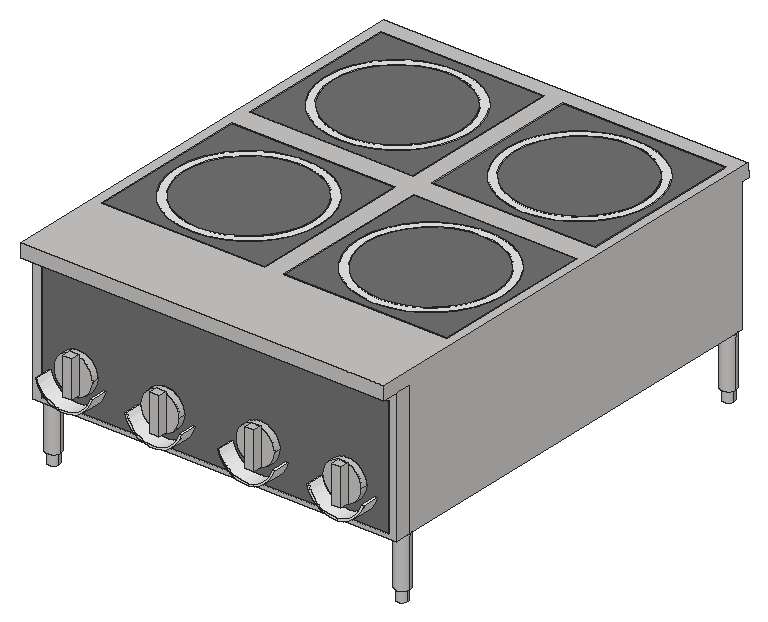
Revit family "QF_Vollrath_924HIMC", category Specialty Equipment, Revit 2016
Family settings
  Part Type = Normal
  Round Connector Dimension = Use Diameter
  OmniClass Number = 23.40.40.14.17.14
  OmniClass Title = Hot Plates
  Work Plane-Based = No
  Always vertical = Yes
  Cut with Voids When Loaded = No
  Shared = No
  Room Calculation Point = No
Parameters (values of type "208V")
  Weight in Pounds = 86
  Watts_2 = 5000 W
  Watts = 5000 W
  Watermarked By = "http://revitwatermark.com"
  Volts_2 = 208 V
  Volts = 208 V
  URL Cutsheet = ""
  URL = "www.vollrathco.com"
  Status [instance] = ""
  Specification by User [instance] = ""
  Specification by Manufacturer = ""
  Serial Number [instance] = ""
  Seismic Rating [instance] = ""
  Revision Code [instance] = ""
  Phase_2 = 1
  Phase = 1
  Number of Poles_2 [instance] = 1
  Number of Poles [instance] = 1
  NAFEM Spec ID Number [instance] = ""
  Model = "924HIMC"
  Masterspec = ""
  Manufacturer = "Vollrath"
  Item Number [instance] = ""
  Installed By [instance] = ""
  Height AFF [instance] = 36.00"
  Furnished By [instance] = ""
  Foodservice Equipment Identifier [instance] = yes
  FL Amps_2 = 24 A
  FL Amps = 24 A
  Electrical Remarks_2 [instance] = "DEDICATED CIRCUIT"
  Electrical Remarks [instance] = "DEDICATED CIRCUIT"
  Electric Connection Type_2 [instance] = ""
  Electric Connection Type [instance] = ""
  Elec Conn RI Height_2 [instance] = 0.00"
  Elec Conn RI Height [instance] = 0.00"
  Elec Conn Connection Height_2 [instance] = 6.00"
  Elec Conn Connection Height = 6.00"
  Elec Conn Two [instance] = ""
  Description = "Induction Hot Plate"
  Cycle_2 = 60 Hz
  Cycle = 60 Hz
  Conn Plug_2 = "NEMA 6-30P"
  Conn Plug = "NEMA 6-30P"
  CSI MasterFormat = "11 42 13"
  Assembly Code = "E1090320"
  Apparent Power_2 = Volts_2 * FL Amps_2 * sqrt(Phase_2)  # 4992 VA
  Apparent Power = if(Phase = 3, Volts * FL Amps * 1.73, Volts * FL Amps)  # 4992 VA
Types (2): name | Watts_2 | Watts | Volts_2 | Volts | Apparent Power_2 | Apparent Power
  208V | 5000 W | 5000 W | 208 V | 208 V | 4992 VA | 4992 VA
  240V | 5800 W | 5800 W | 240 V | 240 V | 5760 VA | 5760 VA
Reference planes (in)
  plane 1: z = 0
  plane 2 "LEFT": x = 48
  plane 3 "BACK": y = -48
  plane 4 "BOTTOM": z = 36
  plane 5 "FRONT": y = -78
  plane 6: z = 26.5796
  plane 7 "TOP": z = 49.625
  plane 8: y = -47.5
  plane 9: x = 56.69695
  plane 10: x = 47.5
  plane 11: y = -48.5
  plane 12: y = -77
  plane 13: x = 48.5
  plane 14: z = 36.75
  plane 15: z = 40
  plane 16: x = 59.37
  plane 17: x = 48.63
  plane 18: z = 48.75
  plane 19: z = 48.11159
  plane 20: x = 49.29917
  plane 21: z = 40.28782
  plane 22: y = -49.08388
  plane 23: y = -59.83388
  plane 24: z = 49.26188
  plane 25 "RIGHT": x = 72
  plane 26: x = 72.5
  plane 27: z = 41
  plane 28: x = 71
  plane 29: x = 49
Forms (in)
  Extrusion 1, solid, material "QF_Finishes_Stainless Steel", not visible
    sketch origin (0, -75.61667, 13.94238) x (-1, 0, 0) y (0, 0.422618, 0.906308)
      loop
        line (-61.50401, 16.83949) -> (-49.55058, 16.83949) -> (-49.55058, 21.54291) -> (-61.50401, 21.54291) -> (-61.50401, 16.83949)
      loop
        circle (-51.11798, 19.07879) r 1.25
      loop
        circle (-51.11798, 19.07879) r 1
      loop
        line (-54.03077, 21.06689) -> (-57.03077, 21.06689) -> (-57.03077, 20.31689) -> (-54.03077, 20.31689) -> (-54.03077, 21.06689)
      loop
        circle (-54.03077, 17.5068) r 0.25
      loop
        circle (-56.78077, 17.5068) r 0.25
    from 0 to 0.68909
  Extrusion 2, solid, material "QF_Finishes_Black", not visible
    sketch origin (0, -75.54289, 2.05167) x (-1, 0, 0) y (0, 0.422618, 0.906308)
      loop
        circle (-51.11798, 29.82425) r 1.25
      loop
        circle (-51.11798, 29.82425) r 1
    from -5.0921 to -4.40301
  Extrusion 3, solid, material "QF_Finishes_Black", not visible
    sketch origin (0, -75.78725, 14.03463) x (-1, 0, 0) y (0, 0.406737, 0.913545)
      loop
        line (-57.03077, 21.03676) -> (-57.03077, 20.35703) -> (-54.03077, 20.35703) -> (-54.03077, 21.03676) -> (-57.03077, 21.03676)
      loop
        circle (-54.03077, 17.5068) r 0.25
      loop
        circle (-56.78077, 17.5068) r 0.25
    from 0.54411 to 1.25
  Extrusion 4, solid, material "QF_Finishes_Dark Grey", not visible
    sketch origin (0, -70.09177, 5.66795) x (-1, 0, 0) y (0, 0.422618, 0.906308)
      loop
        circle (-52.11896, 26.29929) r 0.25
      loop
        circle (-53.36896, 26.29929) r 0.25
      loop
        circle (-54.61896, 26.29929) r 0.25
      loop
        circle (-55.86896, 26.29929) r 0.25
      loop
        circle (-57.11896, 26.29929) r 0.25
      loop
        circle (-58.36896, 26.29929) r 0.25
    from 7.45399 to 7.92109
  Extrusion 5, solid, material "QF_Finishes_Stainless Steel", not visible
    sketch origin (0, -61.5, 0) x (-1, 0, 0) y (0, 0, 1)
      loop
        circle (-49.14244, 32.63817) r 0.1236
    from 0 to 12
  Extrusion 6, solid, material "QF_Finishes_Stainless Steel", not visible
    sketch origin (24.25, -61.5, 0) x (-1, 0, 0) y (0, 0, 1)
      loop
        circle (-49.14244, 32.63817) r 0.1236
    from 0 to 12
  Extrusion 7, solid, material "QF_Finishes_Stainless Steel", not visible
    sketch origin (0.75781, -61.5, 0) x (-1, 0, 0) y (0, 0, 1)
      loop
        circle (-49.14244, 32.63817) r 0.1236
    from 0 to 12
  Extrusion 8, solid, material "QF_Finishes_Stainless Steel", not visible
    sketch origin (1.51562, -61.5, 0) x (-1, 0, 0) y (0, 0, 1)
      loop
        circle (-49.14244, 32.63817) r 0.1236
    from 0 to 12
  Extrusion 9, solid, material "QF_Finishes_Stainless Steel", not visible
    sketch origin (2.27344, -61.5, 0) x (-1, 0, 0) y (0, 0, 1)
      loop
        circle (-49.14244, 32.63817) r 0.1236
    from 0 to 12
  Extrusion 10, solid, material "QF_Finishes_Stainless Steel", not visible
    sketch origin (3.03125, -61.5, 0) x (-1, 0, 0) y (0, 0, 1)
      loop
        circle (-49.14244, 32.63817) r 0.1236
    from 0 to 12
  Extrusion 11, solid, material "QF_Finishes_Stainless Steel", not visible
    sketch origin (3.78906, -61.5, 0) x (-1, 0, 0) y (0, 0, 1)
      loop
        circle (-49.14244, 32.63817) r 0.1236
    from 0 to 12
  Extrusion 12, solid, material "QF_Finishes_Stainless Steel", not visible
    sketch origin (4.54687, -61.5, 0) x (-1, 0, 0) y (0, 0, 1)
      loop
        circle (-49.14244, 32.63817) r 0.1236
    from 0 to 12
  Extrusion 13, solid, material "QF_Finishes_Stainless Steel", not visible
    sketch origin (5.30469, -61.5, 0) x (-1, 0, 0) y (0, 0, 1)
      loop
        circle (-49.14244, 32.63817) r 0.1236
    from 0 to 12
  Extrusion 14, solid, material "QF_Finishes_Stainless Steel", not visible
    sketch origin (6.0625, -61.5, 0) x (-1, 0, 0) y (0, 0, 1)
      loop
        circle (-49.14244, 32.63817) r 0.1236
    from 0 to 12
  Extrusion 15, solid, material "QF_Finishes_Stainless Steel", not visible
    sketch origin (6.82031, -61.5, 0) x (-1, 0, 0) y (0, 0, 1)
      loop
        circle (-49.14244, 32.63817) r 0.1236
    from 0 to 12
  Extrusion 16, solid, material "QF_Finishes_Stainless Steel", not visible
    sketch origin (7.57812, -61.5, 0) x (-1, 0, 0) y (0, 0, 1)
      loop
        circle (-49.14244, 32.63817) r 0.1236
    from 0 to 12
  Extrusion 17, solid, material "QF_Finishes_Stainless Steel", not visible
    sketch origin (8.33594, -61.5, 0) x (-1, 0, 0) y (0, 0, 1)
      loop
        circle (-49.14244, 32.63817) r 0.1236
    from 0 to 12
  Extrusion 18, solid, material "QF_Finishes_Stainless Steel", not visible
    sketch origin (9.09375, -61.5, 0) x (-1, 0, 0) y (0, 0, 1)
      loop
        circle (-49.14244, 32.63817) r 0.1236
    from 0 to 12
  Extrusion 19, solid, material "QF_Finishes_Stainless Steel", not visible
    sketch origin (9.85156, -61.5, 0) x (-1, 0, 0) y (0, 0, 1)
      loop
        circle (-49.14244, 32.63817) r 0.1236
    from 0 to 12
  Extrusion 20, solid, material "QF_Finishes_Stainless Steel", not visible
    sketch origin (10.60937, -61.5, 0) x (-1, 0, 0) y (0, 0, 1)
      loop
        circle (-49.14244, 32.63817) r 0.1236
    from 0 to 12
  Extrusion 21, solid, material "QF_Finishes_Stainless Steel", not visible
    sketch origin (11.36719, -61.5, 0) x (-1, 0, 0) y (0, 0, 1)
      loop
        circle (-49.14244, 32.63817) r 0.1236
    from 0 to 12
  Extrusion 22, solid, material "QF_Finishes_Stainless Steel", not visible
    sketch origin (12.125, -61.5, 0) x (-1, 0, 0) y (0, 0, 1)
      loop
        circle (-49.14244, 32.63817) r 0.1236
    from 0 to 12
  Extrusion 23, solid, material "QF_Finishes_Stainless Steel", not visible
    sketch origin (12.88281, -61.5, 0) x (-1, 0, 0) y (0, 0, 1)
      loop
        circle (-49.14244, 32.63817) r 0.1236
    from 0 to 12
  Extrusion 24, solid, material "QF_Finishes_Stainless Steel", not visible
    sketch origin (13.64062, -61.5, 0) x (-1, 0, 0) y (0, 0, 1)
      loop
        circle (-49.14244, 32.63817) r 0.1236
    from 0 to 12
  Extrusion 25, solid, material "QF_Finishes_Stainless Steel", not visible
    sketch origin (14.39844, -61.5, 0) x (-1, 0, 0) y (0, 0, 1)
      loop
        circle (-49.14244, 32.63817) r 0.1236
    from 0 to 12
  Extrusion 26, solid, material "QF_Finishes_Stainless Steel", not visible
    sketch origin (15.15625, -61.5, 0) x (-1, 0, 0) y (0, 0, 1)
      loop
        circle (-49.14244, 32.63817) r 0.1236
    from 0 to 12
  Extrusion 27, solid, material "QF_Finishes_Stainless Steel", not visible
    sketch origin (15.91406, -61.5, 0) x (-1, 0, 0) y (0, 0, 1)
      loop
        circle (-49.14244, 32.63817) r 0.1236
    from 0 to 12
  Extrusion 28, solid, material "QF_Finishes_Stainless Steel", not visible
    sketch origin (16.67187, -61.5, 0) x (-1, 0, 0) y (0, 0, 1)
      loop
        circle (-49.14244, 32.63817) r 0.1236
    from 0 to 12
  Extrusion 29, solid, material "QF_Finishes_Stainless Steel", not visible
    sketch origin (17.42969, -61.5, 0) x (-1, 0, 0) y (0, 0, 1)
      loop
        circle (-49.14244, 32.63817) r 0.1236
    from 0 to 12
  Extrusion 30, solid, material "QF_Finishes_Stainless Steel", not visible
    sketch origin (18.1875, -61.5, 0) x (-1, 0, 0) y (0, 0, 1)
      loop
        circle (-49.14244, 32.63817) r 0.1236
    from 0 to 12
  Extrusion 31, solid, material "QF_Finishes_Stainless Steel", not visible
    sketch origin (18.94531, -61.5, 0) x (-1, 0, 0) y (0, 0, 1)
      loop
        circle (-49.14244, 32.63817) r 0.1236
    from 0 to 12
  Extrusion 32, solid, material "QF_Finishes_Stainless Steel", not visible
    sketch origin (19.70312, -61.5, 0) x (-1, 0, 0) y (0, 0, 1)
      loop
        circle (-49.14244, 32.63817) r 0.1236
    from 0 to 12
  Extrusion 33, solid, material "QF_Finishes_Stainless Steel", not visible
    sketch origin (20.46094, -61.5, 0) x (-1, 0, 0) y (0, 0, 1)
      loop
        circle (-49.14244, 32.63817) r 0.1236
    from 0 to 12
  Extrusion 34, solid, material "QF_Finishes_Stainless Steel", not visible
    sketch origin (21.21875, -61.5, 0) x (-1, 0, 0) y (0, 0, 1)
      loop
        circle (-49.14244, 32.63817) r 0.1236
    from 0 to 12
  Extrusion 35, solid, material "QF_Finishes_Stainless Steel", not visible
    sketch origin (21.97656, -61.5, 0) x (-1, 0, 0) y (0, 0, 1)
      loop
        circle (-49.14244, 32.63817) r 0.1236
    from 0 to 12
  Extrusion 36, solid, material "QF_Finishes_Stainless Steel", not visible
    sketch origin (22.73437, -61.5, 0) x (-1, 0, 0) y (0, 0, 1)
      loop
        circle (-49.14244, 32.63817) r 0.1236
    from 0 to 12
  Extrusion 37, solid, material "QF_Finishes_Stainless Steel", not visible
    sketch origin (23.49219, -61.5, 0) x (-1, 0, 0) y (0, 0, 1)
      loop
        circle (-49.14244, 32.63817) r 0.1236
    from 0 to 12
  Extrusion 38, solid, material "QF_Finishes_Stainless Steel", not visible
    sketch origin (0, -63.31853, -5.50809) x (1, 0, 0) y (0, 0.5, 0.866025)
      loop
        line (47.2877, 27.93) -> (47.2877, 25.68) -> (63.33689, 25.68) -> (63.33689, 27.93) -> (47.2877, 27.93)
      loop
        line (47.47803, 27.77623) -> (47.47803, 25.78901) -> (63.1877, 25.78901) -> (63.1877, 27.77623) -> (47.47803, 27.77623)
    from 18.14569 to 18.5
  Extrusion 39, solid, material "QF_Finishes_Stainless Steel", not visible
    sketch origin (0, -63.31853, -5.50809) x (1, 0, 0) y (0, 0.5, 0.866025)
      loop
        line (47.2877, 27.77623) -> (47.2877, 25.78901) -> (63.1877, 25.78901) -> (63.1877, 27.77623) -> (47.2877, 27.77623)
      loop
        line (47.47803, 27.66901) -> (47.47803, 25.91901) -> (63.08313, 25.91901) -> (63.08313, 27.66901) -> (47.47803, 27.66901)
    from 18.14569 to 18.5
  Extrusion 40, solid, material "QF_Finishes_Stainless Steel", not visible
    sketch origin (3, -63.31853, -5.50809) x (1, 0, 0) y (0, 0.5, 0.866025)
      loop
        line (55.07331, 27.05441) -> (55.07331, 26.55441) -> (56.82331, 26.55441) -> (56.82331, 27.05441) -> (55.07331, 27.05441)
      loop
        circle (53.94695, 26.80981) r 0.25
      loop
        circle (57.87771, 26.79276) r 0.25
      loop
        circle (59.12771, 26.79276) r 0.25
    from 18.14569 to 18.5
  Extrusion 41, solid, material "QF_Finishes_Stainless Steel", not visible
    sketch origin (0, -63.31853, -5.50809) x (1, 0, 0) y (0, 0.5, 0.866025)
      loop
        circle (56.94695, 26.80981) r 0.25
      loop
        circle (60.87771, 26.79276) r 0.25
      loop
        line (58.07331, 27.05441) -> (58.07331, 26.55441) -> (59.82331, 26.55441) -> (59.82331, 27.05441) -> (58.07331, 27.05441)
      loop
        circle (62.12771, 26.79276) r 0.25
    from 18.14569 to 18.5
  Extrusion 42, solid, material "QF_Finishes_Dark Grey", not visible
    sketch origin (0, -63.81619, -5.29253) x (1, 0, 0) y (0, 0.5, 0.866025)
      loop
        line (47.47803, 25.98116) -> (63.08313, 25.98116) -> (63.08313, 27.73116) -> (47.47803, 27.73116) -> (47.47803, 25.98116)
      loop
        circle (62.11833, 26.8549) r 0.25
      loop
        circle (60.86833, 26.8549) r 0.25
      loop
        line (59.81393, 26.61655) -> (59.81393, 27.11655) -> (58.06393, 27.11655) -> (58.06393, 26.61655) -> (59.81393, 26.61655)
      loop
        circle (56.93757, 26.87196) r 0.25
    from 17.96123 to 17.60693
  Extrusion 43, solid, material "QF_Finishes_Stainless Steel", not visible
    sketch origin (-4.5, -63.31853, -5.50809) x (1, 0, 0) y (0, 0.5, 0.866025)
      loop
        line (55.07331, 27.05441) -> (55.07331, 26.55441) -> (56.82331, 26.55441) -> (56.82331, 27.05441) -> (55.07331, 27.05441)
      loop
        circle (53.94695, 26.80981) r 0.25
      loop
        circle (57.87771, 26.79276) r 0.25
      loop
        circle (59.12771, 26.79276) r 0.25
    from 18.14569 to 18.5
  Extrusion 44, solid, material "QF_Finishes_Stainless Steel", not visible
    sketch origin (-7.5, -63.31853, -5.50809) x (1, 0, 0) y (0, 0.5, 0.866025)
      loop
        circle (56.94695, 26.80981) r 0.25
      loop
        circle (60.87771, 26.79276) r 0.25
      loop
        line (58.07331, 27.05441) -> (58.07331, 26.55441) -> (59.82331, 26.55441) -> (59.82331, 27.05441) -> (58.07331, 27.05441)
      loop
        circle (62.12771, 26.79276) r 0.25
    from 18.14569 to 18.76495
  Extrusion 45, solid, material "QF_Finishes_Stainless Steel"
    sketch origin (48, 0, 0) x (0, 1, 0) y (0, 0, 1)
      loop
        line (-76, 49.26188) -> (-78, 49.26188) -> (-78, 48.75) -> (-76, 48.75) -> (-76, 49.26188)
    from 0 to 12
  Extrusion 46, solid, material "QF_Finishes_Stainless Steel"
    sketch origin (0, 0, 0) x (1, 0, 0) y (0, 1, 0)
      loop
        line (60, -48) -> (48, -48) -> (48, -78) -> (60, -78) -> (60, -48)
      loop
        line (48.63, -49.08388) -> (48.63, -59.83388) -> (59.37, -59.83388) -> (59.37, -49.08388) -> (48.63, -49.08388)
      loop
        line (48.63, -61.36797) -> (48.63, -72.08388) -> (59.37, -72.08388) -> (59.37, -61.36797) -> (48.63, -61.36797)
    from 49.26188 to 49.625
  Extrusion 47, solid, material "QF_Finishes_Stainless Steel"
    sketch origin (0, -48, 0) x (1, 0, 0) y (0, 0, 1)
      loop
        circle (51.05266, 42.66471) r 1.25
      loop
        circle (56.77195, 42.53398) r 1.25
    from 29 to 29.43796
  Extrusion 48, solid, material "QF_Finishes_Stainless Steel"
    sketch origin (0, -48, 0) x (1, 0, 0) y (0, 0, 1)
      loop
        line (50.81135, 43.97614) -> (50.81135, 41.54865) -> (51.39731, 41.54865) -> (51.39731, 43.97614) -> (50.81135, 43.97614)
      loop
        line (56.53635, 43.82407) -> (56.53635, 41.39658) -> (57.12231, 41.39658) -> (57.12231, 43.82407) -> (56.53635, 43.82407)
    from 29.43796 to 30
  Sweep 49, solid, material "QF_Finishes_Chrome"
    path origin (-1.5, -48, 0) x (1, 0, 0) y (0, 0, 1)
      loop
        arc (50.59258, 42.10378) -> (52.46758, 40.66857) -> (54.34258, 42.10378) r 1.94238
    profile origin (50.96758, -48, 40.66857) x (0, 0, 1) y (0, -1, 0)
      loop
        line (0, 29) -> (0.12046, 29) -> (0.12046, 30.11132) -> (0, 30.11132) -> (0, 29)
  Sweep 50, solid, material "QF_Finishes_Chrome"
    path origin (8.27756, -48, 0) x (1, 0, 0) y (0, 0, 1)
      loop
        arc (46.69258, 42.10378) -> (48.56758, 40.66857) -> (50.44258, 42.10378) r 1.94238
    profile origin (56.84514, -48, 40.66857) x (0, 0, 1) y (0, -1, 0)
      loop
        line (0, 29) -> (0.12046, 29) -> (0.12046, 30.11132) -> (0, 30.11132) -> (0, 29)
  Extrusion 51, solid, material "QF_Finishes_Dark Grey"
    sketch origin (0, 0, 0) x (1, 0, 0) y (0, 1, 0)
      loop
        line (48.63, -49.08388) -> (48.63, -59.83388) -> (59.37, -59.83388) -> (59.37, -49.08388) -> (48.63, -49.08388)
      loop
        line (48.63, -61.36797) -> (48.63, -72.08388) -> (59.37, -72.08388) -> (59.37, -61.36797) -> (48.63, -61.36797)
      loop
        circle (54.07471, -54.51988) r 4.75
      loop
        circle (54.07471, -54.51988) r 4.25
      loop
        circle (54.07471, -66.76988) r 4.75
      loop
        circle (54.07471, -66.76988) r 4.25
    from 49.26188 to 49.625
  Extrusion 52, solid, material "QF_Finishes_White"
    sketch origin (0, 0, 0) x (1, 0, 0) y (0, 1, 0)
      loop
        circle (54.07471, -54.51988) r 4.75
      loop
        circle (54.07471, -54.51988) r 4.25
      loop
        circle (54.07471, -66.76988) r 4.75
      loop
        circle (54.07471, -66.76988) r 4.25
    from 49.26188 to 49.625
  Extrusion 53, solid, material "QF_Finishes_Dark Grey"
    sketch origin (12, -48, 0) x (1, 0, 0) y (0, 0, 1)
      loop
        line (36.63, 48.11159) -> (36.63, 40.28782) -> (59.5, 40.28782) -> (59.5, 48.11159) -> (36.63, 48.11159)
      loop
        circle (56.77195, 42.59648) r 1.25
      loop
        circle (51.05266, 42.72721) r 1.25
      loop
        circle (44.77195, 42.59648) r 1.25
      loop
        circle (39.05266, 42.72721) r 1.25
    from 28 to 29
  Extrusion 54, solid, material "QF_Finishes_Stainless Steel"
    sketch origin (60, 0, 0) x (0, 1, 0) y (0, 0, 1)
      loop
        line (-76, 49.26188) -> (-78, 49.26188) -> (-78, 48.75) -> (-76, 48.75) -> (-76, 49.26188)
    from 0 to 12
  Extrusion 55, solid, material "QF_Finishes_Stainless Steel"
    sketch origin (12, 0, 0) x (1, 0, 0) y (0, 1, 0)
      loop
        line (60, -48) -> (48, -48) -> (48, -78) -> (60, -78) -> (60, -48)
      loop
        line (48.63, -49.08388) -> (48.63, -59.83388) -> (59.37, -59.83388) -> (59.37, -49.08388) -> (48.63, -49.08388)
      loop
        line (48.63, -61.36797) -> (48.63, -72.08388) -> (59.37, -72.08388) -> (59.37, -61.36797) -> (48.63, -61.36797)
    from 49.26188 to 49.625
  Extrusion 56, solid, material "QF_Finishes_Stainless Steel"
    sketch origin (12, -48, 0) x (1, 0, 0) y (0, 0, 1)
      loop
        circle (51.05266, 42.72721) r 1.25
      loop
        circle (56.77195, 42.59648) r 1.25
    from 29 to 29.43796
  Extrusion 57, solid, material "QF_Finishes_Stainless Steel"
    sketch origin (12, -48, 0) x (1, 0, 0) y (0, 0, 1)
      loop
        line (50.81135, 43.97614) -> (50.81135, 41.54865) -> (51.39731, 41.54865) -> (51.39731, 43.97614) -> (50.81135, 43.97614)
      loop
        line (56.53635, 43.82407) -> (56.53635, 41.39658) -> (57.12231, 41.39658) -> (57.12231, 43.82407) -> (56.53635, 43.82407)
    from 29.43796 to 30
  Sweep 58, solid, material "QF_Finishes_Chrome"
    path origin (10.5, -48, 0) x (1, 0, 0) y (0, 0, 1)
      loop
        arc (50.59258, 42.10378) -> (52.46758, 40.66857) -> (54.34258, 42.10378) r 1.94238
    profile origin (62.96758, -48, 40.66857) x (0, 0, 1) y (0, -1, 0)
      loop
        line (0, 29) -> (0.12046, 29) -> (0.12046, 30.11132) -> (0, 30.11132) -> (0, 29)
  Sweep 59, solid, material "QF_Finishes_Chrome"
    path origin (20.27756, -48, 0) x (1, 0, 0) y (0, 0, 1)
      loop
        arc (46.69258, 42.10378) -> (48.56758, 40.66857) -> (50.44258, 42.10378) r 1.94238
    profile origin (68.84514, -48, 40.66857) x (0, 0, 1) y (0, -1, 0)
      loop
        line (0, 29) -> (0.12046, 29) -> (0.12046, 30.11132) -> (0, 30.11132) -> (0, 29)
  Extrusion 60, solid, material "QF_Finishes_Dark Grey"
    sketch origin (12, 0, 0) x (1, 0, 0) y (0, 1, 0)
      loop
        line (48.63, -49.08388) -> (48.63, -59.83388) -> (59.37, -59.83388) -> (59.37, -49.08388) -> (48.63, -49.08388)
      loop
        line (48.63, -61.36797) -> (48.63, -72.08388) -> (59.37, -72.08388) -> (59.37, -61.36797) -> (48.63, -61.36797)
      loop
        circle (54.07471, -54.51988) r 4.75
      loop
        circle (54.07471, -54.51988) r 4.25
      loop
        circle (54.07471, -66.76988) r 4.75
      loop
        circle (54.07471, -66.76988) r 4.25
    from 49.26188 to 49.625
  Extrusion 61, solid, material "QF_Finishes_White"
    sketch origin (12, 0, 0) x (1, 0, 0) y (0, 1, 0)
      loop
        circle (54.07471, -54.51988) r 4.75
      loop
        circle (54.07471, -54.51988) r 4.25
      loop
        circle (54.07471, -66.76988) r 4.75
      loop
        circle (54.07471, -66.76988) r 4.25
    from 49.26188 to 49.625
  Extrusion 62, solid, material "QF_Finishes_Stainless Steel"
    sketch origin (12, -48, 0) x (1, 0, 0) y (0, 0, 1)
      loop
        line (36, 48.75) -> (36, 40) -> (60, 40) -> (60, 48.75) -> (36, 48.75)
      loop
        line (59.5, 48.11159) -> (36.63, 48.11159) -> (36.63, 40.28782) -> (59.5, 40.28782) -> (59.5, 48.11159)
    from 28 to 29
  Extrusion 63, solid, material "QF_Finishes_Stainless Steel"
    sketch origin (48, 0, 0) x (0, 1, 0) y (0, 0, 1)
      loop
        line (-76, 49.26188) -> (-76, 40) -> (-48.5, 40) -> (-48.5, 48.75) -> (-48, 48.75) -> (-48, 49.26188) -> (-76, 49.26188)
    from 0 to 24
  Extrusion 64, solid, material "QF_Finishes_Clearances", detail levels coarse
    sketch origin (0, 0, 0) x (1, 0, 0) y (0, 1, 0)
      loop
        line (48, -78) -> (48, -48) -> (72, -48) -> (72, -78) -> (72.5, -78) -> (72.5, -47.5) -> (47.5, -47.5) -> (47.5, -78) -> (48, -78)
    from 36 to 49.625
  Extrusion 65, solid, material "QF_Finishes_Stainless Steel"
    sketch origin (0.09491, -0.62339, -10) x (1, 0, 0) y (0, 1, 0)
      loop
        circle (48.5, -48.5) r 0.5
    from 46.75 to 50
  Extrusion 66, solid, material "QF_Finishes_Stainless Steel"
    sketch origin (23.09491, -0.62339, -10) x (1, 0, 0) y (0, 1, 0)
      loop
        circle (48.5, -48.5) r 0.5
    from 50 to 46.75
  Extrusion 67, solid, material "QF_Finishes_Stainless Steel"
    sketch origin (23.09491, 27.62661, -10) x (1, 0, 0) y (0, 1, 0)
      loop
        circle (48.5, -76.75) r 0.35
    from 46.75 to 46
  Extrusion 68, solid, material "QF_Finishes_Stainless Steel"
    sketch origin (23.09491, -27.5, -10) x (1, 0, 0) y (0, 1, 0)
      loop
        circle (48.5, -48.5) r 0.5
    from 50 to 46.75
  Extrusion 69, solid, material "QF_Finishes_Stainless Steel"
    sketch origin (23.09491, 0.75, -10) x (1, 0, 0) y (0, 1, 0)
      loop
        circle (48.5, -76.75) r 0.35
    from 46.75 to 46
  Extrusion 70, solid, material "QF_Finishes_Stainless Steel"
    sketch origin (0.09491, -27.5, -10) x (1, 0, 0) y (0, 1, 0)
      loop
        circle (48.5, -48.5) r 0.5
    from 50 to 46.75
  Extrusion 71, solid, material "QF_Finishes_Stainless Steel"
    sketch origin (0.09491, 0.75, -10) x (1, 0, 0) y (0, 1, 0)
      loop
        circle (48.5, -76.75) r 0.35
    from 46.75 to 46
  Extrusion 72, solid, material "QF_Finishes_Stainless Steel"
    sketch origin (0, -48, 0) x (1, 0, 0) y (0, 0, 1)
      loop
        circle (71, 41) r 0.25
    from 0.11826 to 0.5
  Extrusion 73, solid, material "QF_Finishes_Stainless Steel"
    sketch origin (-21.62747, -48, 0) x (1, 0, 0) y (0, 0, 1)
      loop
        circle (71, 41) r 0.25
    from 0.11826 to 0.5
Cuts and joins
  joined: Extrusion 45, Extrusion 46, Extrusion 54, Extrusion 55, Extrusion 63
Lines and regions (in)
  symbolic lines
    curve 1: line (48, -78, 0) -> (60, -78, 0)
    curve 2: line (60, -78, 0) -> (60, -48, 0)
    curve 3: line (48, -48, 0) -> (48, -78, 0)
    curve 4: line (60, -48, 0) -> (48, -48, 0)
    curve 5: line (59.37, -49.08388, 0) -> (48.63, -49.08388, 0)
    curve 6: line (48.63, -49.08388, 0) -> (48.63, -59.83388, 0)
    curve 7: arc (58.82471, -54.51988, 0) -> (54.07471, -49.76988, 0) -> (49.32471, -54.51988, 0) r 4.75
    curve 8: arc (49.82471, -54.51988, 0) -> (54.07471, -50.26988, 0) -> (58.32471, -54.51988, 0) r 4.25
    curve 9: arc (58.32471, -54.51988, 0) -> (54.07471, -58.76988, 0) -> (49.82471, -54.51988, 0) r 4.25
    curve 10: arc (49.32471, -54.51988, 0) -> (54.07471, -59.26988, 0) -> (58.82471, -54.51988, 0) r 4.75
    curve 11: line (59.37, -59.83388, 0) -> (59.37, -49.08388, 0)
    curve 12: line (48.63, -59.83388, 0) -> (59.37, -59.83388, 0)
    curve 13: line (59.37, -72.08388, 0) -> (59.37, -61.36797, 0)
    curve 14: line (59.37, -61.36797, 0) -> (48.63, -61.36797, 0)
    curve 15: arc (58.32471, -66.76988, 0) -> (54.07471, -62.51988, 0) -> (49.82471, -66.76988, 0) r 4.25
    curve 16: line (48.63, -61.36797, 0) -> (48.63, -72.08388, 0)
    curve 17: arc (58.32471, -66.76988, 0) -> (54.07471, -71.01988, 0) -> (49.82471, -66.76988, 0) r 4.25
    curve 18: arc (49.32471, -66.76988, 0) -> (54.07471, -71.51988, 0) -> (58.82471, -66.76988, 0) r 4.75
    curve 19: line (48.63, -72.08388, 0) -> (59.37, -72.08388, 0)
    curve 20: line (48, -77, 0) -> (72, -77, 0)
    curve 21: arc (58.82471, -66.76988, 0) -> (54.07471, -62.01988, 0) -> (49.32471, -66.76988, 0) r 4.75
    curve 25: line (71.37, -61.36797, 0) -> (71.37, -72.08388, 0)
    curve 26: arc (70.32471, -66.76988, 0) -> (66.07471, -71.01988, 0) -> (61.82471, -66.76988, 0) r 4.25
    curve 27: arc (61.32471, -66.76988, 0) -> (66.07471, -71.51988, 0) -> (70.82471, -66.76988, 0) r 4.75
    curve 28: line (72, -78, 0) -> (72, -48, 0)
    curve 29: line (71.37, -72.08388, 0) -> (60.63, -72.08388, 0)
    curve 30: line (60, -78, 0) -> (72, -78, 0)
    curve 31: line (60.63, -72.08388, 0) -> (60.63, -61.36797, 0)
    curve 32: arc (61.82471, -66.76988, 0) -> (66.07471, -62.51988, 0) -> (70.32471, -66.76988, 0) r 4.25
    curve 33: arc (70.82471, -66.76988, 0) -> (66.07471, -62.01988, 0) -> (61.32471, -66.76988, 0) r 4.75
    curve 34: line (60.63, -61.36797, 0) -> (71.37, -61.36797, 0)
    curve 35: arc (61.32471, -54.51988, 0) -> (66.07471, -59.26988, 0) -> (70.82471, -54.51988, 0) r 4.75
    curve 36: arc (70.32471, -54.51988, 0) -> (66.07471, -58.76988, 0) -> (61.82471, -54.51988, 0) r 4.25
    curve 37: line (71.37, -59.83388, 0) -> (60.63, -59.83388, 0)
    curve 38: line (60.63, -59.83388, 0) -> (60.63, -49.08388, 0)
    curve 39: line (71.37, -49.08388, 0) -> (71.37, -59.83388, 0)
    curve 40: arc (61.82471, -54.51988, 0) -> (66.07471, -50.26988, 0) -> (70.32471, -54.51988, 0) r 4.25
    curve 41: arc (70.82471, -54.51988, 0) -> (66.07471, -49.76988, 0) -> (61.32471, -54.51988, 0) r 4.75
    curve 42: line (60.63, -49.08388, 0) -> (71.37, -49.08388, 0)
    curve 43: line (72, -48, 0) -> (60, -48, 0)
  symbolic lines, style "QF_Clearances"
    curve 22: line (47.5, -78, 0) -> (47.5, -47.5, 0)
    curve 23: line (47.5, -47.5, 0) -> (72.5, -47.5, 0)
    curve 24: line (72.5, -47.5, 0) -> (72.5, -78, 0)
Dimensions and locks (in)
  "Height AFF": plane 4 "BOTTOM" to level
  plane 5 "FRONT" to plane 3 "BACK" = 30.00"
  plane 3 "BACK" to plane 8 = 0.50"
  plane 8 to plane 11 = 1.00"
  plane 10 to plane 13 = 1.00"
  locked: plane 12 to plane 5 "FRONT" at 1
  locked: plane 14 to plane 4 "BOTTOM" at 0.75
  locked: plane 15 to plane 14 at 3.25
  plane 22 to plane 23 = 10.75"
  locked: plane 21 to plane 15 at 0.28782
  locked: plane 19 to plane 21 at 7.82377
  locked: plane 18 to plane 19 at 0.63841
  locked: plane 7 "TOP" to plane 18 at 0.875
  locked: plane 24 to plane 7 "TOP" at 0.36312
  locked: Extrusion 47 sketch curve to plane 4 "BOTTOM" at 6.66471
  locked: Extrusion 72 sketch curve to plane 15 at 1
  aligned and locked: level to plane 1
  aligned and locked: Extrusion 2 sketch curve to Extrusion 1  (x4)
  aligned and locked: Extrusion 39 sketch curve to Extrusion 38
  aligned and locked: Extrusion 38 to Extrusion 39 sketch curve
  aligned and locked: Extrusion 41 sketch curve to Extrusion 40  (x2)
  aligned and locked: Extrusion 39 to Extrusion 42 sketch curve
  aligned and locked: Extrusion 42 sketch curve to Extrusion 39
  aligned and locked: Extrusion 41 to Extrusion 42 sketch curve
  aligned and locked: Extrusion 42 sketch curve to Extrusion 41
  aligned and locked: Extrusion 44 sketch curve to Extrusion 43  (x2)
  aligned and locked: Extrusion 45 sketch curve to plane 18
  aligned and locked: Extrusion 45 sketch curve to plane 5 "FRONT"
  aligned and locked: Extrusion 46 sketch curve to cut or joined group of Extrusion 45, Extrusion 46, Extrusion 54, Extrusion 55, Extrusion 63  (x3)
  aligned and locked: plane 7 "TOP" to Extrusion 46
  aligned and locked: Extrusion 46 to cut or joined group of Extrusion 45, Extrusion 46, Extrusion 54, Extrusion 55, Extrusion 63
  aligned and locked: plane 16 to Extrusion 46  (x2)
  aligned and locked: Extrusion 46 to plane 22
  aligned and locked: plane 17 to Extrusion 46  (x2)
  aligned and locked: plane 23 to Extrusion 46
  aligned and locked: plane 16 to cut or joined group of Extrusion 45, Extrusion 46, Extrusion 54, Extrusion 55, Extrusion 63  (x2)
  aligned and locked: plane 24 to Extrusion 46
  aligned and locked: Extrusion 51 sketch curve to cut or joined group of Extrusion 45, Extrusion 46, Extrusion 54, Extrusion 55, Extrusion 63  (x8)
  aligned and locked: Extrusion 52 sketch curve to Extrusion 51  (x8)
  aligned and locked: plane 7 "TOP" to Extrusion 51
  aligned and locked: cut or joined group of Extrusion 45, Extrusion 46, Extrusion 54, Extrusion 55, Extrusion 63 to Extrusion 51
  aligned and locked: plane 7 "TOP" to Extrusion 52
  aligned and locked: cut or joined group of Extrusion 45, Extrusion 46, Extrusion 54, Extrusion 55, Extrusion 63 to Extrusion 52
  aligned and locked: Extrusion 56 sketch curve to Extrusion 53  (x4)
  aligned and locked: Extrusion 61 sketch curve to Extrusion 60  (x8)
  aligned and locked: Extrusion 62 sketch curve to Extrusion 53  (x3)
  aligned: Extrusion 62 sketch curve to Extrusion 53
  aligned: Extrusion 62 to Extrusion 53
  aligned and locked: plane 7 "TOP" to Extrusion 55
  aligned and locked: Extrusion 55 to cut or joined group of Extrusion 45, Extrusion 46, Extrusion 54, Extrusion 55, Extrusion 63
  aligned and locked: plane 18 to Extrusion 62
  aligned and locked: Extrusion 62 to plane 19
  aligned and locked: plane 21 to Extrusion 62
  aligned and locked: cut or joined group of Extrusion 45, Extrusion 46, Extrusion 54, Extrusion 55, Extrusion 63 to Extrusion 60
  aligned and locked: plane 7 "TOP" to Extrusion 60
  aligned and locked: cut or joined group of Extrusion 45, Extrusion 46, Extrusion 54, Extrusion 55, Extrusion 63 to Extrusion 61
  aligned and locked: plane 7 "TOP" to Extrusion 61
  aligned: Extrusion 67 to Extrusion 66
  aligned and locked: Extrusion 69 to Extrusion 68
  aligned and locked: Extrusion 71 to Extrusion 70
  aligned and locked: Extrusion 64 to cut or joined group of Extrusion 45, Extrusion 46, Extrusion 54, Extrusion 55, Extrusion 63
  aligned: Extrusion 64 to Extrusion 65
  aligned and locked: Extrusion 64 to plane 4 "BOTTOM"
  aligned and locked: plane 15 to Extrusion 68
  aligned and locked: plane 15 to Extrusion 70
  aligned and locked: Extrusion 70 to plane 14
  aligned and locked: Extrusion 68 to plane 14
  aligned and locked: Extrusion 69 to plane 4 "BOTTOM"
  aligned and locked: Extrusion 71 to plane 4 "BOTTOM"
  aligned and locked: plane 15 to Extrusion 65
  aligned and locked: Extrusion 65 to plane 14
  aligned and locked: plane 15 to Extrusion 66
  aligned and locked: Extrusion 66 to plane 14
  aligned and locked: plane 14 to Extrusion 67
  aligned and locked: Extrusion 67 to plane 4 "BOTTOM"
Automatic sketch dimensions
  Extrusion 1 sketch curve to Extrusion 1 sketch curve = 0.00"  (x5)
  Extrusion 1 sketch curve to Extrusion 1 sketch curve = 4.47324"
  Extrusion 1 sketch curve to Extrusion 1 sketch curve = 0.25"
  Extrusion 1 sketch curve to Extrusion 1 sketch curve = 3.00"
  Extrusion 1 sketch curve to Extrusion 1 sketch curve = 2.75"
  Extrusion 1 sketch curve to Extrusion 1 sketch curve = 1.56739"
  Extrusion 1 sketch curve to Extrusion 1 sketch curve = 0.66732"
  Extrusion 1 sketch curve to Extrusion 1 sketch curve = 2.2393"
  Extrusion 1 sketch curve to Extrusion 1 sketch curve = 2.81008"
  Extrusion 1 sketch curve to Extrusion 1 sketch curve = 0.75"
  Extrusion 3 sketch curve to Extrusion 3 sketch curve = 3.00"
  Extrusion 1 sketch curve to Extrusion 1 sketch curve = 2.46412"
  Extrusion 3 sketch curve to Extrusion 3 sketch curve = 0.00"  (x6)
  Extrusion 3 sketch curve to Extrusion 3 sketch curve = 0.25"  (x2)
  Extrusion 3 sketch curve to Extrusion 3 sketch curve = 2.25"
  Extrusion 3 sketch curve to Extrusion 3 sketch curve = 2.85023"
  Extrusion 3 sketch curve to Extrusion 3 sketch curve = 0.67973"
  Extrusion 1 sketch curve to Extrusion 1 sketch curve = 2.9128"
  Extrusion 4 sketch curve to Extrusion 4 sketch curve = 1.25"  (x5)
  Extrusion 4 sketch curve to Extrusion 4 sketch curve = 0.00"  (x5)
  Extrusion 38 sketch curve to Extrusion 38 sketch curve = 0.19033"
  Extrusion 38 sketch curve to Extrusion 38 sketch curve = 0.14919"
  Extrusion 38 sketch curve to Extrusion 38 sketch curve = 0.10901"
  Extrusion 38 sketch curve to Extrusion 38 sketch curve = 1.98721"
  Extrusion 38 sketch curve to Extrusion 38 sketch curve = 0.15377"
  Extrusion 39 sketch curve to Extrusion 39 sketch curve = 0.19033"
  Extrusion 39 sketch curve to Extrusion 39 sketch curve = 0.10457"
  Extrusion 39 sketch curve to Extrusion 39 sketch curve = 0.13"
  Extrusion 39 sketch curve to Extrusion 39 sketch curve = 0.10721"
  Extrusion 40 sketch curve to Extrusion 40 sketch curve = 1.0544"
  Extrusion 40 sketch curve to Extrusion 40 sketch curve = 1.25"
  Extrusion 40 sketch curve to Extrusion 40 sketch curve = 0.23835"
  Extrusion 40 sketch curve to Extrusion 40 sketch curve = 0.00"
  Extrusion 40 sketch curve to Extrusion 40 sketch curve = 0.25541"
  Extrusion 40 sketch curve to Extrusion 40 sketch curve = 0.50"
  Extrusion 41 sketch curve to Extrusion 41 sketch curve = 0.25"  (x3)
  Extrusion 41 sketch curve to Extrusion 41 sketch curve = 0.8044"
  Extrusion 41 sketch curve to Extrusion 41 sketch curve = 0.75"
  Extrusion 41 sketch curve to Extrusion 41 sketch curve = 0.23835"
  Extrusion 41 sketch curve to Extrusion 41 sketch curve = 0.00"  (x4)
  Extrusion 41 sketch curve to Extrusion 41 sketch curve = 0.24459"
  plane 9 to Extrusion 42 sketch curve = 0.00939"
  Extrusion 42 sketch curve to plane 9 = 0.24061"
  Extrusion 42 sketch curve to Extrusion 42 sketch curve = 0.8044"
  Extrusion 42 sketch curve to Extrusion 42 sketch curve = 0.25"  (x2)
  Extrusion 42 sketch curve to Extrusion 42 sketch curve = 0.75"
  Extrusion 42 sketch curve to Extrusion 42 sketch curve = 0.7148"
  Extrusion 42 sketch curve to Extrusion 42 sketch curve = 0.23835"
  Extrusion 42 sketch curve to Extrusion 42 sketch curve = 0.00"  (x3)
  Extrusion 42 sketch curve to Extrusion 42 sketch curve = 0.24459"
  Extrusion 39 sketch curve to Extrusion 39 sketch curve = 15.6051"
  Extrusion 39 sketch curve to Extrusion 39 sketch curve = 1.75"
  Extrusion 40 sketch curve to Extrusion 40 sketch curve = 1.12636"
  Extrusion 40 sketch curve to Extrusion 40 sketch curve = 1.75"
  Extrusion 41 sketch curve to Extrusion 41 sketch curve = 0.87636"
  Extrusion 41 sketch curve to Extrusion 41 sketch curve = 1.75"
  plane 9 to Extrusion 42 sketch curve = 9.21892"
  Extrusion 42 sketch curve to Extrusion 42 sketch curve = 0.87636"
  Extrusion 42 sketch curve to Extrusion 42 sketch curve = 1.75"
  Extrusion 43 sketch curve to Extrusion 43 sketch curve = 1.12636"
  Extrusion 43 sketch curve to Extrusion 43 sketch curve = 1.75"
  Extrusion 44 sketch curve to Extrusion 44 sketch curve = 0.87636"
  Extrusion 44 sketch curve to Extrusion 44 sketch curve = 1.75"
  Extrusion 38 sketch curve to Extrusion 38 sketch curve = 15.70967"
  Extrusion 43 sketch curve to Extrusion 43 sketch curve = 1.0544"
  Extrusion 43 sketch curve to Extrusion 43 sketch curve = 1.25"
  Extrusion 43 sketch curve to Extrusion 43 sketch curve = 0.23835"
  Extrusion 43 sketch curve to Extrusion 43 sketch curve = 0.00"
  Extrusion 43 sketch curve to Extrusion 43 sketch curve = 0.25541"
  Extrusion 43 sketch curve to Extrusion 43 sketch curve = 0.50"
  Extrusion 44 sketch curve to Extrusion 44 sketch curve = 0.00"  (x7)
  Extrusion 44 sketch curve to Extrusion 44 sketch curve = 0.25"  (x3)
  Extrusion 44 sketch curve to Extrusion 44 sketch curve = 0.8044"
  Extrusion 44 sketch curve to Extrusion 44 sketch curve = 0.75"
  Extrusion 44 sketch curve to Extrusion 44 sketch curve = 0.23835"
  Extrusion 44 sketch curve to Extrusion 44 sketch curve = 0.24459"
  curve 7 to curve 8 = 0.00"  (x2)
  curve 7 to curve 9 = 0.00"  (x2)
  curve 7 to curve 10 = 0.00"  (x2)
  curve 8 to curve 9 = 0.00"  (x2)
  curve 8 to curve 10 = 0.00"  (x2)
  curve 9 to curve 10 = 0.00"  (x2)
  curve 15 to curve 17 = 0.00"  (x2)
  curve 15 to curve 18 = 0.00"  (x2)
  curve 15 to curve 21 = 0.00"  (x2)
  curve 17 to curve 18 = 0.00"  (x2)
  curve 17 to curve 21 = 0.00"  (x2)
  curve 18 to curve 21 = 0.00"  (x2)
  curve 26 to curve 27 = 0.00"  (x2)
  curve 26 to curve 32 = 0.00"  (x2)
  curve 26 to curve 33 = 0.00"  (x2)
  curve 27 to curve 32 = 0.00"  (x2)
  curve 27 to curve 33 = 0.00"  (x2)
  curve 32 to curve 33 = 0.00"  (x2)
  curve 35 to curve 36 = 0.00"  (x2)
  curve 35 to curve 40 = 0.00"  (x2)
  curve 35 to curve 41 = 0.00"  (x2)
  curve 36 to curve 40 = 0.00"  (x2)
  curve 36 to curve 41 = 0.00"  (x2)
  curve 40 to curve 41 = 0.00"  (x2)
  curve 23 to plane 8 = 0.00"
  curve 23 to plane 10 = 0.00"
  curve 1 to plane 2 "LEFT" = 0.00"
  curve 14 to plane 17 = 0.00"
  curve 5 to plane 17 = 0.00"
  curve 11 to plane 16 = 0.00"
  curve 13 to plane 16 = 0.00"
  plane 3 "BACK" to curve 4 = 0.00"
  curve 30 to plane 5 "FRONT" = 0.00"
  curve 42 to plane 22 = 0.00"
  curve 38 to plane 23 = 0.00"
  curve 28 to plane 25 "RIGHT" = 0.00"
  curve 23 to plane 26 = 0.00"
  curve 22 to plane 5 "FRONT" = 0.00"
  curve 24 to plane 5 "FRONT" = 0.00"
  curve 20 to plane 12 = 0.00"
  curve 12 to plane 23 = 0.00"
  curve 11 to plane 22 = 0.00"
  plane 20 to curve 7 = 0.02554"
  plane 20 to curve 18 = 0.02554"
  curve 7 to curve 9 = 0.50"
  curve 18 to curve 17 = 0.50"
  curve 8 to curve 10 = 4.25"
  curve 15 to curve 21 = 4.25"
  curve 4 to plane 16 = 0.63"
  curve 34 to plane 16 = 1.26"
  curve 2 to curve 42 = 0.63"
  curve 33 to plane 16 = 1.95471"
  curve 41 to plane 16 = 1.95471"
  curve 27 to curve 32 = 0.50"
  curve 35 to curve 36 = 0.50"
  curve 36 to curve 41 = 4.25"
  curve 26 to curve 32 = 4.25"
  curve 37 to plane 28 = 0.37"
  curve 34 to plane 28 = 0.37"
  plane 12 to curve 19 = 4.91612"
  curve 13 to curve 29 = 0.00"
  curve 29 to curve 26 = 5.314"
  curve 16 to curve 21 = 5.314"
  curve 16 to curve 6 = 1.5341"
  curve 13 to curve 34 = 0.00"
  plane 23 to curve 9 = 5.314"
  plane 23 to curve 41 = 5.314"
  plane 24 to Extrusion 45 sketch curve = 0.00"
  plane 12 to Extrusion 45 sketch curve = 1.00"
  Extrusion 46 sketch curve to plane 17 = 0.00"  (x2)
  Extrusion 46 sketch curve to plane 16 = 0.00"  (x2)
  Extrusion 46 sketch curve to plane 23 = 0.00"
  Extrusion 46 sketch curve to plane 22 = 0.00"
  plane 3 "BACK" to Extrusion 46 sketch curve = 0.00"
  plane 12 to Extrusion 46 sketch curve = 4.91612"
  Extrusion 46 sketch curve to plane 23 = 1.5341"
  Extrusion 47 sketch curve to Extrusion 47 sketch curve = 0.00"  (x3)
  plane 20 to Extrusion 47 sketch curve = 0.50349"
  Extrusion 47 sketch curve to Extrusion 47 sketch curve = 1.25"  (x2)
  Extrusion 47 sketch curve to Extrusion 47 sketch curve = 3.21929"
  plane 27 to Extrusion 47 sketch curve = 1.53398"
  plane 27 to Extrusion 48 sketch curve = 0.54865"
  plane 20 to Extrusion 48 sketch curve = 1.51218"
  Extrusion 48 sketch curve to Extrusion 48 sketch curve = 0.58597"  (x2)
  plane 16 to Extrusion 48 sketch curve = 2.83365"
  plane 27 to Extrusion 48 sketch curve = 0.39658"
  Extrusion 48 sketch curve to Extrusion 48 sketch curve = 2.42749"  (x2)
  plane 29 to Sweep 49 sketch curve = 0.09258"
  plane 20 to Sweep 49 sketch curve = 1.66841"
  plane 27 to Sweep 49 sketch curve = 1.10378"
  Sweep 49 sketch curve to Sweep 49 sketch curve = 1.875"
  plane 27 to Sweep 49 sketch curve = 1.61095"
  profile plane to Sweep 49 sketch curve = 0.00"
  Sweep 49 sketch curve to profile plane = 0.12046"
  plane 3 "BACK" to Sweep 49 sketch curve = 29.00"
  Sweep 49 sketch curve to Sweep 49 sketch curve = 1.11132"
  plane 27 to Sweep 50 sketch curve = 1.10378"
  plane 16 to Sweep 50 sketch curve = 4.39986"
  Sweep 50 sketch curve to Sweep 50 sketch curve = 1.875"
  plane 16 to Sweep 50 sketch curve = 0.64986"
  plane 27 to Sweep 50 sketch curve = 1.61095"
  profile plane to Sweep 50 sketch curve = 0.00"
  Sweep 50 sketch curve to profile plane = 0.12046"
  plane 3 "BACK" to Sweep 50 sketch curve = 29.00"
  Sweep 50 sketch curve to Sweep 50 sketch curve = 1.11132"
  Extrusion 51 sketch curve to Extrusion 51 sketch curve = 0.00"  (x4)
  plane 20 to Extrusion 51 sketch curve = 4.77554"  (x2)
  Extrusion 51 sketch curve to plane 23 = 6.936"
  plane 23 to Extrusion 51 sketch curve = 5.314"
  Extrusion 53 sketch curve to plane 17 = 0.00"
  Extrusion 53 sketch curve to plane 19 = 0.00"
  Extrusion 53 sketch curve to plane 21 = 0.00"
  plane 20 to Extrusion 53 sketch curve = 1.75349"
  plane 16 to Extrusion 53 sketch curve = 2.59805"
  plane 27 to Extrusion 53 sketch curve = 1.72721"  (x2)
  Extrusion 53 sketch curve to plane 16 = 3.68266"
  plane 28 to Extrusion 53 sketch curve = 2.22805"
  plane 25 "RIGHT" to Extrusion 53 sketch curve = 0.50"
  plane 27 to Extrusion 53 sketch curve = 1.59648"  (x2)
  Extrusion 54 sketch curve to plane 5 "FRONT" = 0.00"
  Extrusion 54 sketch curve to plane 18 = 0.00"
  plane 24 to Extrusion 54 sketch curve = 0.00"
  plane 12 to Extrusion 54 sketch curve = 1.00"
  plane 3 "BACK" to Extrusion 55 sketch curve = 0.00"
  Extrusion 55 sketch curve to plane 5 "FRONT" = 0.00"
  Extrusion 55 sketch curve to plane 23 = 0.00"
  Extrusion 55 sketch curve to plane 22 = 0.00"
  Extrusion 55 sketch curve to plane 25 "RIGHT" = 0.00"
  Extrusion 55 sketch curve to plane 28 = 0.37"  (x2)
  Extrusion 55 sketch curve to plane 16 = 1.26"  (x2)
  Extrusion 55 sketch curve to plane 16 = 0.63"
  plane 12 to Extrusion 55 sketch curve = 4.91612"
  Extrusion 55 sketch curve to plane 23 = 1.5341"
  plane 27 to Extrusion 57 sketch curve = 0.54865"
  Extrusion 57 sketch curve to plane 16 = 3.44135"
  Extrusion 57 sketch curve to Extrusion 57 sketch curve = 0.58597"  (x2)
  plane 28 to Extrusion 57 sketch curve = 2.46365"
  plane 27 to Extrusion 57 sketch curve = 0.39658"
  Extrusion 57 sketch curve to Extrusion 57 sketch curve = 2.42749"  (x2)
  Sweep 58 sketch curve to plane 16 = 1.72258"
  Sweep 58 sketch curve to Sweep 58 sketch curve = 1.875"  (x2)
  plane 27 to Sweep 58 sketch curve = 1.10378"
  plane 27 to Sweep 58 sketch curve = 1.61095"
  profile plane to Sweep 58 sketch curve = 0.00"
  Sweep 58 sketch curve to profile plane = 0.12046"
  plane 3 "BACK" to Sweep 58 sketch curve = 29.00"
  Sweep 58 sketch curve to Sweep 58 sketch curve = 1.11132"
  plane 27 to Sweep 59 sketch curve = 1.10378"
  plane 28 to Sweep 59 sketch curve = 4.02986"
  Sweep 59 sketch curve to Sweep 59 sketch curve = 1.875"
  plane 28 to Sweep 59 sketch curve = 0.27986"
  plane 27 to Sweep 59 sketch curve = 1.61095"
  profile plane to Sweep 59 sketch curve = 0.00"
  Sweep 59 sketch curve to profile plane = 0.12046"
  plane 3 "BACK" to Sweep 59 sketch curve = 29.00"
  Sweep 59 sketch curve to Sweep 59 sketch curve = 1.11132"
  Extrusion 60 sketch curve to Extrusion 60 sketch curve = 0.00"  (x4)
  Extrusion 60 sketch curve to plane 22 = 0.00"
  Extrusion 60 sketch curve to plane 23 = 0.00"
  Extrusion 60 sketch curve to plane 16 = 1.26"  (x2)
  plane 28 to Extrusion 60 sketch curve = 4.92529"  (x2)
  Extrusion 60 sketch curve to plane 28 = 0.37"  (x2)
  Extrusion 60 sketch curve to plane 23 = 1.5341"
  Extrusion 60 sketch curve to plane 23 = 6.936"
  plane 12 to Extrusion 60 sketch curve = 4.91612"
  plane 23 to Extrusion 60 sketch curve = 5.314"
  Extrusion 62 sketch curve to plane 2 "LEFT" = 0.00"
  Extrusion 62 sketch curve to plane 17 = 0.00"
  Extrusion 62 sketch curve to plane 15 = 0.00"
  plane 25 "RIGHT" to Extrusion 62 sketch curve = 0.00"
  Extrusion 62 sketch curve to plane 18 = 0.00"
  plane 24 to Extrusion 63 sketch curve = 0.00"
  Extrusion 63 sketch curve to plane 15 = 0.00"
  Extrusion 63 sketch curve to plane 11 = 0.00"
  Extrusion 63 sketch curve to plane 3 "BACK" = 0.00"
  Extrusion 63 sketch curve to plane 18 = 0.00"
  plane 12 to Extrusion 63 sketch curve = 1.00"
  Extrusion 64 sketch curve to plane 5 "FRONT" = 0.00"  (x2)
  Extrusion 64 sketch curve to plane 10 = 0.00"
  Extrusion 64 sketch curve to plane 2 "LEFT" = 0.00"
  Extrusion 64 sketch curve to plane 25 "RIGHT" = 0.00"
  Extrusion 64 sketch curve to plane 8 = 0.00"
  Extrusion 64 sketch curve to plane 26 = 0.00"
  plane 3 "BACK" to Extrusion 64 sketch curve = 0.00"
  Extrusion 65 sketch curve to plane 17 = 0.03509"
  Extrusion 65 sketch curve to plane 22 = 0.03952"
  Extrusion 66 sketch curve to plane 22 = 0.03952"
  plane 25 "RIGHT" to Extrusion 66 sketch curve = 0.40509"
  Extrusion 67 sketch curve to plane 22 = 0.03952"
  plane 25 "RIGHT" to Extrusion 67 sketch curve = 0.40509"
  plane 25 "RIGHT" to Extrusion 68 sketch curve = 0.40509"
  plane 12 to Extrusion 68 sketch curve = 1.00"
  plane 25 "RIGHT" to Extrusion 69 sketch curve = 0.40509"
  plane 12 to Extrusion 69 sketch curve = 1.00"
  Extrusion 70 sketch curve to plane 17 = 0.03509"
  plane 12 to Extrusion 70 sketch curve = 1.00"
  Extrusion 71 sketch curve to plane 17 = 0.03509"
  plane 12 to Extrusion 71 sketch curve = 1.00"
  plane 28 to Extrusion 72 sketch curve = 0.00"
  Extrusion 73 sketch curve to plane 27 = 0.00"
  plane 20 to Extrusion 73 sketch curve = 0.07336"
  radius of Extrusion 1 sketch curve = 1.25"
  radius of Extrusion 1 sketch curve = 1.00"
  radius of Extrusion 1 sketch curve = 0.25"  (x2)
  radius of Extrusion 4 sketch curve = 0.25"  (x6)
  radius of Extrusion 5 sketch curve = 0.1236"
  radius of Extrusion 6 sketch curve = 0.1236"
  radius of Extrusion 7 sketch curve = 0.1236"
  radius of Extrusion 8 sketch curve = 0.1236"
  radius of Extrusion 9 sketch curve = 0.1236"
  radius of Extrusion 10 sketch curve = 0.1236"
  radius of Extrusion 11 sketch curve = 0.1236"
  radius of Extrusion 12 sketch curve = 0.1236"
  radius of Extrusion 13 sketch curve = 0.1236"
  radius of Extrusion 14 sketch curve = 0.1236"
  radius of Extrusion 15 sketch curve = 0.1236"
  radius of Extrusion 16 sketch curve = 0.1236"
  radius of Extrusion 17 sketch curve = 0.1236"
  radius of Extrusion 18 sketch curve = 0.1236"
  radius of Extrusion 19 sketch curve = 0.1236"
  radius of Extrusion 20 sketch curve = 0.1236"
  radius of Extrusion 21 sketch curve = 0.1236"
  radius of Extrusion 22 sketch curve = 0.1236"
  radius of Extrusion 23 sketch curve = 0.1236"
  radius of Extrusion 24 sketch curve = 0.1236"
  radius of Extrusion 25 sketch curve = 0.1236"
  radius of Extrusion 26 sketch curve = 0.1236"
  radius of Extrusion 27 sketch curve = 0.1236"
  radius of Extrusion 28 sketch curve = 0.1236"
  radius of Extrusion 29 sketch curve = 0.1236"
  radius of Extrusion 30 sketch curve = 0.1236"
  radius of Extrusion 31 sketch curve = 0.1236"
  radius of Extrusion 32 sketch curve = 0.1236"
  radius of Extrusion 33 sketch curve = 0.1236"
  radius of Extrusion 34 sketch curve = 0.1236"
  radius of Extrusion 35 sketch curve = 0.1236"
  radius of Extrusion 36 sketch curve = 0.1236"
  radius of Extrusion 37 sketch curve = 0.1236"
  radius of Extrusion 40 sketch curve = 0.25"  (x3)
  radius of Extrusion 43 sketch curve = 0.25"  (x3)
  radius of Extrusion 51 sketch curve = 4.75"  (x2)
  radius of Extrusion 51 sketch curve = 4.25"  (x2)
  radius of Extrusion 53 sketch curve = 1.25"  (x4)
  radius of Extrusion 60 sketch curve = 4.75"  (x2)
  radius of Extrusion 60 sketch curve = 4.25"  (x2)
  radius of Extrusion 65 sketch curve = 0.50"
  radius of Extrusion 66 sketch curve = 0.50"
  radius of Extrusion 67 sketch curve = 0.35"
  radius of Extrusion 68 sketch curve = 0.50"
  radius of Extrusion 69 sketch curve = 0.35"
  radius of Extrusion 70 sketch curve = 0.50"
  radius of Extrusion 71 sketch curve = 0.35"
  radius of Extrusion 72 sketch curve = 0.25"
  radius of Extrusion 73 sketch curve = 0.25"
Nested families (in)
  nested 1: "924HIMC-nu" at (48.63, -49.08388, 0), Watts <- "Watts_2", Volts <- "Volts_2", Phase <- "Phase_2", Number of Poles <- "Number of Poles_2", FL Amps <- "FL Amps_2", Electrical Remarks <- "Electrical Remarks_2", Electric Connection Type <- "Electric Connection Type_2", Elec Conn RI Height <- "Elec Conn RI Height_2", Elec Conn Connection Height <- "Elec Conn Connection Height_2", Cycle <- "Cycle_2", Conn Plug <- "Conn Plug_2", Apparent Power <- "Apparent Power_2", Item Number <- "Elec Conn Two", type "Nested"
    with Watts 5000 W, Volts 208 V, Phase 1, Number of Poles 1, Min Ckt Ampacity 0 A, Max Overcurrent Protection 0 A, Item Number "", FL Amps 24 A, Electrical Remarks "DEDICATED CIRCUIT", Electric Connection Type "", Elec Conn RI Height 0.00", Elec Conn Connection Height 6.00", Cycle 60 Hz, Conn Plug "NEMA 6-30P", Apparent Power 4992 VA
Connectors (in)
  electrical at (71, -48.11826, 41), driven by "Number of Poles", driven by "Volts", driven by "Apparent Power"
    settings: on Extrusion 72, index 1, voltage 208 V, apparent load 4992 VA, apparent load phase1 0 VA, apparent load phase2 0 VA, apparent load phase3 0 VA, power factor 1, load classification "Other", number of poles 1, system type 30, power factor state 1, is connector primary yes, connector utility no, sub classification motor no, connector description "Electric Connection"
  electrical at (49.37253, -48.11826, 41), driven by "Number of Poles_2", driven by "Volts_2", driven by "Apparent Power_2"
    settings: on Extrusion 73, index 2, voltage 208 V, apparent load 4992 VA, apparent load phase1 0 VA, apparent load phase2 0 VA, apparent load phase3 0 VA, power factor 1, load classification "Other", number of poles 1, system type 30, power factor state 1, is connector primary no, connector utility no, sub classification motor no, connector description "Electrical Connection-2"
Definition of nested family "924HIMC-nu"
  Parameters
    Watts [instance] = 0 W
    Volts [instance] = 0 V
    Phase [instance] = 1
    Number of Poles [instance] = 1
    Min Ckt Ampacity [instance] = 0 A
    Max Overcurrent Protection [instance] = 0 A
    Item Number [instance] = ""
    FL Amps [instance] = 0 A
    Electrical Remarks [instance] = ""
    Electric Connection Type [instance] = ""
    Elec Conn RI Height [instance] = 0.00"
    Elec Conn Connection Height [instance] = 0.00"
    Cycle [instance] = 0 Hz
    Conn Plug [instance] = ""
    Assembly Code = ""
    Apparent Power [instance] = 0 VA
  Reference planes (in)
    plane 1 "Center (Back)": y = 0
    plane 2: z = 0
    plane 3 "Center (Left)": x = 0
  Lines and regions (in)
    symbolic lines
      curve 1: circle (0, 0, 0) r 0.25 normal (0, 0, 1)
      curve 2: circle (0, 0, 0) r 0.125 normal (0, 0, 1)
  Dimensions and locks (in)
    aligned and locked: level to plane 2
